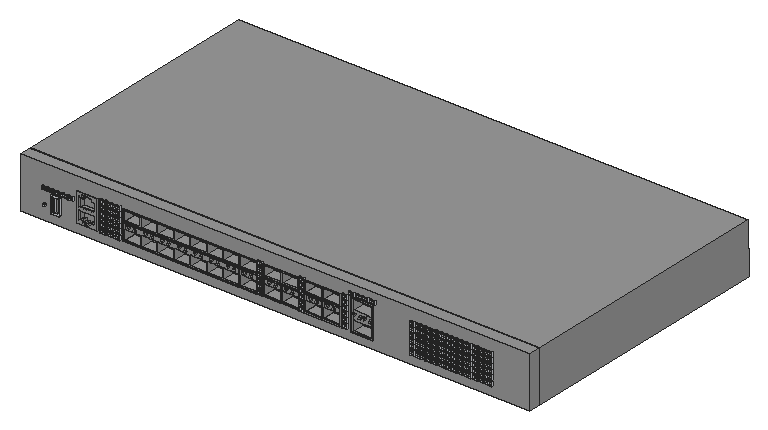
Revit family "19 Zoll Switch MS400995M", category Datengeräte, Revit 2023
Family settings
  Bemaßung runder Anschluss = Durchmesser verwenden
  Teiletyp = Normal
  OmniClass-Nummer = 23.85.50.17
  OmniClass-Titel = Communication and Data Processing Equipment
  Arbeitsebenenbasiert = Nein
  Immer vertikal = Ja
  Beim Laden mit Abzugskörper schneiden = Nein
  Beschriftungsausrichtung beibehalten = Nein
  Gemeinsam genutzt = Nein
  Raumberechnungspunkt = Nein
Parameters (values of type "19 Zoll Switch MS400995M")
  Vorgabe-Ansicht = 0 mm
  Material 2 = Stahl, lackierte Oberfläche, dunkelgrau, matt
  Material = Edelstahl AISI 304
  Ausführung = "managed switch L3"
  Anschluss 3 = "4x 10G/25GBase-X SFP28-Slots"
  Spannung Input = "100~240VAC (C14)"
  Hersteller = "MICROSENS"
  Beschreibung = "26-Port 40G Multi 1/10G Fiber L3 Switch 19\""
  Artikelnummer = "MS400995M"
  Anschluss 4 = "Konsolenport (RJ-45)"
  Anschluss 2 = "20x 1/10G SFP+ Slots"
  Anschluss 1 = "2x 40G QSFP+ Slots"
Reference planes
  plane 1 "Mitte (Vorne/Hinten)": y = 232.367
  plane 2: z = 0
  plane 3 "Mitte (Links/Rechts)": x = 6.748
Forms (mm)
  Extrusion 1, solid, material "Stahl, lackierte Oberfläche, dunkelgrau, matt" <- "Material 2"
    sketch origin (-0.016, 368.942, 1.503) x (1, 0, 0) y (0, 0, 1)
      loop
        line (-213.236, 42.498) -> (-213.236, -1.502) -> (226.813, -1.502) -> (226.813, 42.498) -> (-213.236, 42.498)
    from 235.89 to 246.705
  Extrusion 2, solid
    sketch origin (79.576, 273.077, 134.166) x (0, 0, 1) y (-1, 0, 0)
      loop
        line (-126.471, 264.855) -> (-126.471, 259.255)
        arc (-126.471, 259.255) -> (-126.178, 258.548) -> (-125.471, 258.255) r 1
        line (-125.471, 258.255) -> (-112.371, 258.255)
        arc (-112.371, 258.255) -> (-111.663, 258.548) -> (-111.371, 259.255) r 1
        line (-111.371, 259.255) -> (-111.371, 264.855)
        arc (-111.371, 264.855) -> (-111.663, 265.562) -> (-112.371, 265.855) r 1
        line (-112.371, 265.855) -> (-125.471, 265.855)
        arc (-125.471, 265.855) -> (-126.178, 265.562) -> (-126.471, 264.855) r 1
      loop
        line (-125.071, 264.605) -> (-125.071, 259.105) -> (-112.671, 259.105) -> (-112.671, 264.605) -> (-125.071, 264.605)
    from 150.84 to 151.64
  Extrusion 3, solid
    sketch origin (79.576, 273.077, 134.166) x (0, 0, 1) y (-1, 0, 0)
      loop
        line (-124.365, 262.053) -> (-113.348, 262.053) -> (-113.348, 263.837) -> (-124.365, 263.837) -> (-124.365, 262.053)
      loop
        line (-124.121, 263.355) -> (-124.121, 262.305) -> (-113.621, 262.305) -> (-113.621, 263.355) -> (-124.121, 263.355)
    from 150.84 to 151.64
  Extrusion 4, solid
    sketch origin (-21.172, 273.077, -249.866) x (1, 0, 0) y (0, 0, 1)
      loop
        circle (-171.13, 262.402) r 1
    from 150.84 to 151.64
  Extrusion 5, void
    sketch origin (79.576, 273.077, 134.01) x (0, 0, 1) y (-1, 0, 0)
      loop
        line (-125.071, 262.055) -> (-125.071, 259.105) -> (-112.671, 259.105) -> (-112.671, 262.055) -> (-125.071, 262.055)
    from 147.46 to 160.434
  Extrusion 6, solid, material "Stahl, 43-245"
    sketch origin (-2.408, 273.077, 44.001) x (0, -1, 0) y (1, 0, 0)
      loop
        line (140.025, -210.844) -> (140.025, 229.205) -> (-85.512, 229.205) -> (-85.512, -210.844) -> (140.025, -210.844)
    from -44 to 0
  Extrusion 7, solid, material "Edelstahl AISI 304"
    sketch origin (-69.923, 273.077, -238.834) x (1, 0, 0) y (0, 0, 1)
      loop
        line (-93.447, 247.265) -> (-76.371, 247.265) -> (-76.371, 272.055) -> (-93.447, 272.055) -> (-93.447, 247.265)
      loop
        line (-77.991, 258.354) -> (-91.961, 258.331) -> (-91.948, 250.457) -> (-89.103, 250.462) -> (-89.1, 248.684) -> (-86.865, 248.687) -> (-86.863, 247.798) -> (-83.053, 247.805) -> (-83.055, 248.694) -> (-80.642, 248.698) -> (-80.645, 250.476) -> (-77.978, 250.48) -> (-77.991, 258.354)
      loop
        line (-92.032, 260.695) -> (-78.062, 260.695) -> (-78.062, 268.569) -> (-80.729, 268.569) -> (-80.729, 270.347) -> (-83.142, 270.347) -> (-83.142, 271.236) -> (-86.952, 271.236) -> (-86.952, 270.347) -> (-89.365, 270.347) -> (-89.365, 268.569) -> (-92.032, 268.569) -> (-92.032, 260.695)
    from 150.84 to 151.64
  Extrusion 8, solid, material "Edelstahl AISI 304"
    sketch origin (-150.813, 273.077, -234.569) x (1, 0, 0) y (0, 0, 1)
      loop
        line (198.964, 268.012) -> (198.964, 257.612) -> (214.464, 257.612) -> (214.464, 268.012) -> (198.964, 268.012)
      loop
        line (199.41, 267.584) -> (199.41, 257.912) -> (214.027, 257.912) -> (214.027, 267.584) -> (199.41, 267.584)
    from 140.025 to 151.64
  Extrusion 9, void
    sketch origin (156.645, 273.077, -237.22) x (1, 0, 0) y (0, 0, 1)
      loop
        line (-107.793, 261.07) -> (-93.696, 261.07) -> (-93.696, 269.986) -> (-107.793, 269.986) -> (-107.793, 261.07)
    from 140.025 to 160.434
  Extrusion 10, solid, material "Edelstahl AISI 304"
    sketch origin (-166.253, 273.077, -234.569) x (1, 0, 0) y (0, 0, 1)
      loop
        line (198.964, 268.012) -> (198.964, 257.612) -> (214.464, 257.612) -> (214.464, 268.012) -> (198.964, 268.012)
      loop
        line (199.41, 267.584) -> (199.41, 257.912) -> (214.027, 257.912) -> (214.027, 267.584) -> (199.41, 267.584)
    from 140.025 to 151.64
  Extrusion 11, void
    sketch origin (141.205, 273.077, -237.22) x (1, 0, 0) y (0, 0, 1)
      loop
        line (-107.793, 261.07) -> (-93.696, 261.07) -> (-93.696, 269.986) -> (-107.793, 269.986) -> (-107.793, 261.07)
    from 140.025 to 160.434
  Extrusion 12, solid, material "Edelstahl AISI 304"
    sketch origin (-150.709, 273.077, -249.399) x (1, 0, 0) y (0, 0, 1)
      loop
        line (198.964, 272.442) -> (198.964, 257.612) -> (214.464, 257.612) -> (214.464, 272.442) -> (198.964, 272.442)
      loop
        line (199.41, 271.983) -> (199.41, 257.912) -> (214.027, 257.912) -> (214.027, 271.983) -> (199.41, 271.983)
      loop
        line (207.305, 267.926) -> (209.516, 267.926) -> (208.382, 271.042) -> (207.305, 267.926)
      loop
        line (204.516, 271.042) -> (202.305, 271.042) -> (203.439, 267.926) -> (204.516, 271.042)
      loop
        line (192.744, 267.926) -> (194.955, 267.926) -> (193.821, 271.042) -> (192.744, 267.926)
      loop
        line (189.955, 271.042) -> (187.744, 271.042) -> (188.878, 267.926) -> (189.955, 271.042)
      loop
        line (106.929, 267.926) -> (109.141, 267.926) -> (108.006, 271.042) -> (106.929, 267.926)
      loop
        line (104.141, 271.042) -> (101.929, 271.042) -> (103.063, 267.926) -> (104.141, 271.042)
      loop
        line (92.744, 267.926) -> (94.955, 267.926) -> (93.821, 271.042) -> (92.744, 267.926)
      loop
        line (89.955, 271.042) -> (87.744, 271.042) -> (88.878, 267.926) -> (89.955, 271.042)
      loop
        line (78.978, 267.926) -> (81.19, 267.926) -> (80.056, 271.042) -> (78.978, 267.926)
      loop
        line (76.19, 271.042) -> (73.978, 271.042) -> (75.113, 267.926) -> (76.19, 271.042)
      loop
        line (64.627, 267.926) -> (66.839, 267.926) -> (65.705, 271.042) -> (64.627, 267.926)
      loop
        line (61.839, 271.042) -> (59.627, 271.042) -> (60.762, 267.926) -> (61.839, 271.042)
      loop
        line (50.014, 267.926) -> (52.225, 267.926) -> (51.091, 271.042) -> (50.014, 267.926)
      loop
        line (47.225, 271.042) -> (45.014, 271.042) -> (46.148, 267.926) -> (47.225, 271.042)
      loop
        line (35.362, 267.926) -> (37.574, 267.926) -> (36.439, 271.042) -> (35.362, 267.926)
      loop
        line (32.574, 271.042) -> (30.362, 271.042) -> (31.496, 267.926) -> (32.574, 271.042)
    from 140.025 to 151.64
  Extrusion 13, void
    sketch origin (156.749, 273.077, -252.05) x (1, 0, 0) y (0, 0, 1)
      loop
        line (-107.793, 261.07) -> (-93.696, 261.07) -> (-93.696, 269.986) -> (-107.793, 269.986) -> (-107.793, 261.07)
    from 140.025 to 160.434
  Extrusion 14, solid, material "Edelstahl AISI 304"
    sketch origin (-166.193, 273.077, -249.399) x (1, 0, 0) y (0, 0, 1)
      loop
        line (198.964, 272.442) -> (198.964, 257.612) -> (214.464, 257.612) -> (214.464, 272.442) -> (198.964, 272.442)
      loop
        line (199.41, 272.007) -> (199.41, 257.912) -> (214.027, 257.912) -> (214.027, 272.007) -> (199.41, 272.007)
    from 140.025 to 151.64
  Extrusion 15, void
    sketch origin (141.264, 273.077, -252.05) x (1, 0, 0) y (0, 0, 1)
      loop
        line (-107.793, 261.07) -> (-93.696, 261.07) -> (-93.696, 269.986) -> (-107.793, 269.986) -> (-107.793, 261.07)
    from 140.025 to 160.434
  Extrusion 16, void
    sketch origin (-53.981, 273.077, -239.208) x (1, 0, 0) y (0, 0, 1)
      loop
        line (-106.701, 261.203) -> (-94.788, 261.203) -> (-94.788, 268.036) -> (-96.693, 268.036) -> (-96.693, 269.738) -> (-99.221, 269.738) -> (-99.221, 270.576) -> (-102.269, 270.576) -> (-102.269, 269.738) -> (-104.787, 269.738) -> (-104.787, 268.036) -> (-106.701, 268.036) -> (-106.701, 261.203)
    from 147.46 to 160.434
  Extrusion 17, void
    sketch origin (-255.47, 273.077, 280.687) x (-1, 0, 0) y (0, 0, -1)
      loop
        line (-106.701, 261.203) -> (-94.788, 261.203) -> (-94.788, 268.036) -> (-96.693, 268.036) -> (-96.693, 269.738) -> (-99.221, 269.738) -> (-99.221, 270.576) -> (-102.269, 270.576) -> (-102.269, 269.738) -> (-104.787, 269.738) -> (-104.787, 268.036) -> (-106.701, 268.036) -> (-106.701, 261.203)
    from 147.46 to 160.434
  Extrusion 18, solid, material "Edelstahl AISI 304"
    sketch origin (-186.477, 273.077, -234.569) x (1, 0, 0) y (0, 0, 1)
      loop
        line (198.964, 268.012) -> (198.964, 257.612) -> (214.464, 257.612) -> (214.464, 268.012) -> (198.964, 268.012)
      loop
        line (199.41, 267.584) -> (199.41, 257.912) -> (214.027, 257.912) -> (214.027, 267.584) -> (199.41, 267.584)
    from 140.025 to 151.64
  Extrusion 19, void
    sketch origin (120.98, 273.077, -237.22) x (1, 0, 0) y (0, 0, 1)
      loop
        line (-107.793, 261.07) -> (-93.696, 261.07) -> (-93.696, 269.986) -> (-107.793, 269.986) -> (-107.793, 261.07)
    from 140.025 to 160.434
  Extrusion 20, solid, material "Edelstahl AISI 304"
    sketch origin (-201.917, 273.077, -234.569) x (1, 0, 0) y (0, 0, 1)
      loop
        line (198.964, 268.012) -> (198.964, 257.612) -> (214.464, 257.612) -> (214.464, 268.012) -> (198.964, 268.012)
      loop
        line (199.41, 267.584) -> (199.41, 257.912) -> (214.027, 257.912) -> (214.027, 267.584) -> (199.41, 267.584)
    from 140.025 to 151.64
  Extrusion 21, void
    sketch origin (105.54, 273.077, -237.22) x (1, 0, 0) y (0, 0, 1)
      loop
        line (-107.793, 261.07) -> (-93.696, 261.07) -> (-93.696, 269.986) -> (-107.793, 269.986) -> (-107.793, 261.07)
    from 140.025 to 160.434
  Extrusion 22, solid, material "Edelstahl AISI 304"
    sketch origin (-186.373, 273.077, -249.399) x (1, 0, 0) y (0, 0, 1)
      loop
        line (198.964, 272.442) -> (198.964, 257.612) -> (214.464, 257.612) -> (214.464, 272.442) -> (198.964, 272.442)
      loop
        line (199.41, 271.983) -> (199.41, 257.912) -> (214.027, 257.912) -> (214.027, 271.983) -> (199.41, 271.983)
      loop
        line (207.305, 267.926) -> (209.516, 267.926) -> (208.382, 271.042) -> (207.305, 267.926)
      loop
        line (204.516, 271.042) -> (202.305, 271.042) -> (203.439, 267.926) -> (204.516, 271.042)
      loop
        line (192.744, 267.926) -> (194.955, 267.926) -> (193.821, 271.042) -> (192.744, 267.926)
      loop
        line (189.955, 271.042) -> (187.744, 271.042) -> (188.878, 267.926) -> (189.955, 271.042)
    from 140.025 to 151.64
  Extrusion 23, void
    sketch origin (121.084, 273.077, -252.05) x (1, 0, 0) y (0, 0, 1)
      loop
        line (-107.793, 261.07) -> (-93.696, 261.07) -> (-93.696, 269.986) -> (-107.793, 269.986) -> (-107.793, 261.07)
    from 140.025 to 160.434
  Extrusion 24, solid, material "Edelstahl AISI 304"
    sketch origin (-201.858, 273.077, -249.399) x (1, 0, 0) y (0, 0, 1)
      loop
        line (198.964, 272.442) -> (198.964, 257.612) -> (214.464, 257.612) -> (214.464, 272.442) -> (198.964, 272.442)
      loop
        line (199.41, 272.007) -> (199.41, 257.912) -> (214.027, 257.912) -> (214.027, 272.007) -> (199.41, 272.007)
    from 140.025 to 151.64
  Extrusion 25, void
    sketch origin (105.6, 273.077, -252.05) x (1, 0, 0) y (0, 0, 1)
      loop
        line (-107.793, 261.07) -> (-93.696, 261.07) -> (-93.696, 269.986) -> (-107.793, 269.986) -> (-107.793, 261.07)
    from 140.025 to 160.434
  Extrusion 26, solid, material "Edelstahl AISI 304"
    sketch origin (-222.419, 273.077, -234.569) x (1, 0, 0) y (0, 0, 1)
      loop
        line (198.964, 268.012) -> (198.964, 257.612) -> (214.464, 257.612) -> (214.464, 268.012) -> (198.964, 268.012)
      loop
        line (199.41, 267.584) -> (199.41, 257.912) -> (214.027, 257.912) -> (214.027, 267.584) -> (199.41, 267.584)
    from 140.025 to 151.64
  Extrusion 27, void
    sketch origin (85.038, 273.077, -237.22) x (1, 0, 0) y (0, 0, 1)
      loop
        line (-107.793, 261.07) -> (-93.696, 261.07) -> (-93.696, 269.986) -> (-107.793, 269.986) -> (-107.793, 261.07)
    from 140.025 to 160.434
  Extrusion 28, solid, material "Edelstahl AISI 304"
    sketch origin (-237.859, 273.077, -234.569) x (1, 0, 0) y (0, 0, 1)
      loop
        line (113.702, 268.012) -> (113.702, 257.612) -> (214.464, 257.612) -> (214.464, 268.012) -> (113.702, 268.012)
      loop
        line (114.753, 267.584) -> (114.753, 257.912) -> (214.027, 257.912) -> (214.027, 267.584) -> (114.753, 267.584)
    from 140.025 to 151.64
  Extrusion 29, void
    sketch origin (69.598, 273.077, -237.22) x (1, 0, 0) y (0, 0, 1)
      loop
        line (-106.98, 261.07) -> (-93.696, 261.07) -> (-93.696, 269.986) -> (-106.98, 269.986) -> (-106.98, 261.07)
    from 140.025 to 160.434
  Extrusion 30, solid, material "Edelstahl AISI 304"
    sketch origin (-222.315, 273.077, -249.399) x (1, 0, 0) y (0, 0, 1)
      loop
        line (198.964, 272.442) -> (198.964, 257.612) -> (214.464, 257.612) -> (214.464, 272.442) -> (198.964, 272.442)
      loop
        line (199.41, 271.983) -> (199.41, 257.912) -> (214.027, 257.912) -> (214.027, 271.983) -> (199.41, 271.983)
      loop
        line (207.305, 267.926) -> (209.516, 267.926) -> (208.382, 271.042) -> (207.305, 267.926)
      loop
        line (204.516, 271.042) -> (202.305, 271.042) -> (203.439, 267.926) -> (204.516, 271.042)
      loop
        line (192.744, 267.926) -> (194.955, 267.926) -> (193.821, 271.042) -> (192.744, 267.926)
      loop
        line (189.955, 271.042) -> (187.744, 271.042) -> (188.878, 267.926) -> (189.955, 271.042)
      loop
        line (310.65, 268.938) -> (312.862, 268.938) -> (311.728, 272.054) -> (310.65, 268.938)
      loop
        line (307.862, 272.054) -> (305.65, 272.054) -> (306.785, 268.938) -> (307.862, 272.054)
      loop
        line (301.741, 268.952) -> (303.952, 268.952) -> (302.818, 272.068) -> (301.741, 268.952)
      loop
        line (298.952, 272.068) -> (296.741, 272.068) -> (297.875, 268.952) -> (298.952, 272.068)
    from 140.025 to 151.64
  Extrusion 31, void
    sketch origin (85.142, 273.077, -252.05) x (1, 0, 0) y (0, 0, 1)
      loop
        line (-107.793, 261.07) -> (-93.696, 261.07) -> (-93.696, 269.986) -> (-107.793, 269.986) -> (-107.793, 261.07)
    from 140.025 to 160.434
  Extrusion 32, solid, material "Edelstahl AISI 304"
    sketch origin (-237.8, 273.077, -249.399) x (1, 0, 0) y (0, 0, 1)
      loop
        line (113.642, 272.442) -> (113.642, 257.612) -> (214.464, 257.612) -> (214.464, 272.442) -> (113.642, 272.442)
      loop
        line (114.694, 272.007) -> (114.694, 257.912) -> (214.027, 257.912) -> (214.027, 272.007) -> (114.694, 272.007)
    from 140.025 to 151.64
  Extrusion 33, void
    sketch origin (69.658, 273.077, -252.05) x (1, 0, 0) y (0, 0, 1)
      loop
        line (-107.04, 261.07) -> (-93.696, 261.07) -> (-93.696, 269.986) -> (-107.04, 269.986) -> (-107.04, 261.07)
    from 140.025 to 160.434
  Extrusion 34, void
    sketch origin (55.552, 273.077, -237.22) x (1, 0, 0) y (0, 0, 1)
      loop
        line (-106.98, 261.07) -> (-93.696, 261.07) -> (-93.696, 269.986) -> (-106.98, 269.986) -> (-106.98, 261.07)
    from 140.025 to 160.434
  Extrusion 35, void
    sketch origin (55.612, 273.077, -252.05) x (1, 0, 0) y (0, 0, 1)
      loop
        line (-107.04, 261.07) -> (-93.696, 261.07) -> (-93.696, 269.986) -> (-107.04, 269.986) -> (-107.04, 261.07)
    from 140.025 to 160.434
  Extrusion 36, void
    sketch origin (41.39, 273.077, -237.22) x (1, 0, 0) y (0, 0, 1)
      loop
        line (-106.98, 261.07) -> (-93.696, 261.07) -> (-93.696, 269.986) -> (-106.98, 269.986) -> (-106.98, 261.07)
    from 140.025 to 160.434
  Extrusion 37, void
    sketch origin (41.45, 273.077, -252.05) x (1, 0, 0) y (0, 0, 1)
      loop
        line (-107.04, 261.07) -> (-93.696, 261.07) -> (-93.696, 269.986) -> (-107.04, 269.986) -> (-107.04, 261.07)
    from 140.025 to 160.434
  Extrusion 38, void
    sketch origin (27.133, 273.077, -237.22) x (1, 0, 0) y (0, 0, 1)
      loop
        line (-106.98, 261.07) -> (-93.696, 261.07) -> (-93.696, 269.986) -> (-106.98, 269.986) -> (-106.98, 261.07)
    from 140.025 to 160.434
  Extrusion 39, void
    sketch origin (27.192, 273.077, -252.05) x (1, 0, 0) y (0, 0, 1)
      loop
        line (-107.04, 261.07) -> (-93.696, 261.07) -> (-93.696, 269.986) -> (-107.04, 269.986) -> (-107.04, 261.07)
    from 140.025 to 160.434
  Extrusion 40, void
    sketch origin (12.833, 273.077, -237.22) x (1, 0, 0) y (0, 0, 1)
      loop
        line (-106.98, 261.07) -> (-93.696, 261.07) -> (-93.696, 269.986) -> (-106.98, 269.986) -> (-106.98, 261.07)
    from 140.025 to 160.434
  Extrusion 41, void
    sketch origin (12.892, 273.077, -252.05) x (1, 0, 0) y (0, 0, 1)
      loop
        line (-107.04, 261.07) -> (-93.696, 261.07) -> (-93.696, 269.986) -> (-107.04, 269.986) -> (-107.04, 261.07)
    from 140.025 to 160.434
  Extrusion 42, void
    sketch origin (-1.64, 273.077, -237.22) x (1, 0, 0) y (0, 0, 1)
      loop
        line (-106.98, 261.07) -> (-93.696, 261.07) -> (-93.696, 269.986) -> (-106.98, 269.986) -> (-106.98, 261.07)
    from 140.025 to 160.434
  Extrusion 43, void
    sketch origin (-1.581, 273.077, -252.05) x (1, 0, 0) y (0, 0, 1)
      loop
        line (-107.04, 261.07) -> (-93.696, 261.07) -> (-93.696, 269.986) -> (-107.04, 269.986) -> (-107.04, 261.07)
    from 140.025 to 160.434
  Extrusion 44, void
    sketch origin (-15.898, 273.077, -237.22) x (1, 0, 0) y (0, 0, 1)
      loop
        line (-106.98, 261.07) -> (-93.696, 261.07) -> (-93.696, 269.986) -> (-106.98, 269.986) -> (-106.98, 261.07)
    from 140.025 to 160.434
  Extrusion 45, void
    sketch origin (-15.838, 273.077, -252.05) x (1, 0, 0) y (0, 0, 1)
      loop
        line (-107.04, 261.07) -> (-93.696, 261.07) -> (-93.696, 269.986) -> (-107.04, 269.986) -> (-107.04, 261.07)
    from 140.025 to 160.434
  Extrusion 46, solid, material "Edelstahl AISI 304"
    sketch origin (-123.792, 273.077, -232.366) x (1, 0, 0) y (0, 0, 1)
      loop
        line (196.908, 266.826) -> (196.908, 239.341) -> (215.391, 239.341) -> (215.391, 266.826) -> (196.908, 266.826)
      loop
        line (197.809, 266.379) -> (197.809, 239.83) -> (214.64, 239.83) -> (214.64, 266.379) -> (197.809, 266.379)
    from 140.025 to 151.64
  Extrusion 47, void
    sketch origin (183.814, 273.077, -236.705) x (1, 0, 0) y (0, 0, 1)
      loop
        line (-108.858, 261.07) -> (-92.967, 261.07) -> (-92.967, 269.986) -> (-108.858, 269.986) -> (-108.858, 261.07)
    from 140.025 to 160.434
  Extrusion 48, void
    sketch origin (183.665, 273.077, -253.025) x (1, 0, 0) y (0, 0, 1)
      loop
        line (-108.709, 261.07) -> (-92.818, 261.07) -> (-92.818, 269.986) -> (-108.709, 269.986) -> (-108.709, 261.07)
    from 140.025 to 160.434
  Extrusion 49, solid
    sketch origin (0, 273.077, -232.366) x (1, 0, 0) y (0, 0, 1)
      loop
        line (65.586, 266.76) -> (65.586, 263.134) -> (69.459, 263.134) -> (69.459, 266.76) -> (65.586, 266.76)
      loop
        line (65.933, 266.376) -> (65.933, 263.535) -> (68.946, 263.535) -> (68.946, 266.376) -> (65.933, 266.376)
    from 150.84 to 151.64
  Extrusion 50, solid
    sketch origin (0, 273.077, -236.758) x (1, 0, 0) y (0, 0, 1)
      loop
        line (65.586, 266.76) -> (65.586, 263.134) -> (69.459, 263.134) -> (69.459, 266.76) -> (65.586, 266.76)
      loop
        line (65.933, 266.376) -> (65.933, 263.535) -> (68.946, 263.535) -> (68.946, 266.376) -> (65.933, 266.376)
    from 150.84 to 151.64
  Extrusion 51, solid
    sketch origin (0, 273.077, -241.201) x (1, 0, 0) y (0, 0, 1)
      loop
        line (65.586, 266.76) -> (65.586, 263.134) -> (69.459, 263.134) -> (69.459, 266.76) -> (65.586, 266.76)
      loop
        line (65.933, 266.376) -> (65.933, 263.535) -> (68.946, 263.535) -> (68.946, 266.376) -> (65.933, 266.376)
    from 150.84 to 151.64
  Extrusion 52, solid
    sketch origin (0, 273.077, -245.578) x (1, 0, 0) y (0, 0, 1)
      loop
        line (65.586, 266.76) -> (65.586, 263.134) -> (69.459, 263.134) -> (69.459, 266.76) -> (65.586, 266.76)
      loop
        line (65.933, 266.376) -> (65.933, 263.535) -> (68.946, 263.535) -> (68.946, 266.376) -> (65.933, 266.376)
    from 150.84 to 151.64
  Extrusion 53, solid
    sketch origin (0, 273.077, -250.086) x (1, 0, 0) y (0, 0, 1)
      loop
        line (65.586, 266.76) -> (65.586, 263.134) -> (69.459, 263.134) -> (69.459, 266.76) -> (65.586, 266.76)
      loop
        line (65.933, 266.376) -> (65.933, 263.535) -> (68.946, 263.535) -> (68.946, 266.376) -> (65.933, 266.376)
    from 150.84 to 151.64
  Extrusion 54, solid
    sketch origin (0, 273.077, -255.086) x (1, 0, 0) y (0, 0, 1)
      loop
        line (65.586, 266.76) -> (65.586, 263.134) -> (69.459, 263.134) -> (69.459, 266.76) -> (65.586, 266.76)
      loop
        line (65.933, 266.376) -> (65.933, 263.535) -> (68.946, 263.535) -> (68.946, 266.376) -> (65.933, 266.376)
    from 150.84 to 151.64
  Extrusion 55, solid
    sketch origin (58.395, 273.077, -232.671) x (1, 0, 0) y (0, 0, 1)
      loop
        line (65.586, 266.76) -> (65.586, 263.134) -> (69.459, 263.134) -> (69.459, 266.76) -> (65.586, 266.76)
      loop
        line (65.933, 266.376) -> (65.933, 263.535) -> (68.946, 263.535) -> (68.946, 266.376) -> (65.933, 266.376)
    from 150.84 to 151.64
  Extrusion 56, solid
    sketch origin (63.395, 273.077, -232.671) x (1, 0, 0) y (0, 0, 1)
      loop
        line (65.586, 266.76) -> (65.586, 263.134) -> (69.459, 263.134) -> (69.459, 266.76) -> (65.586, 266.76)
      loop
        line (65.933, 266.376) -> (65.933, 263.535) -> (68.946, 263.535) -> (68.946, 266.376) -> (65.933, 266.376)
    from 150.84 to 151.64
  Extrusion 57, solid
    sketch origin (67.616, 273.077, -232.671) x (1, 0, 0) y (0, 0, 1)
      loop
        line (65.586, 266.76) -> (65.586, 263.134) -> (69.459, 263.134) -> (69.459, 266.76) -> (65.586, 266.76)
      loop
        line (65.933, 266.376) -> (65.933, 263.535) -> (68.946, 263.535) -> (68.946, 266.376) -> (65.933, 266.376)
    from 150.84 to 151.64
  Extrusion 58, solid
    sketch origin (71.591, 273.077, -232.671) x (1, 0, 0) y (0, 0, 1)
      loop
        line (65.586, 266.76) -> (65.586, 263.134) -> (69.459, 263.134) -> (69.459, 266.76) -> (65.586, 266.76)
      loop
        line (65.933, 266.376) -> (65.933, 263.535) -> (68.946, 263.535) -> (68.946, 266.376) -> (65.933, 266.376)
    from 150.84 to 151.64
  Extrusion 59, solid
    sketch origin (58.395, 273.077, -236.967) x (1, 0, 0) y (0, 0, 1)
      loop
        line (65.586, 266.76) -> (65.586, 263.134) -> (69.459, 263.134) -> (69.459, 266.76) -> (65.586, 266.76)
      loop
        line (65.933, 266.376) -> (65.933, 263.535) -> (68.946, 263.535) -> (68.946, 266.376) -> (65.933, 266.376)
    from 150.84 to 151.64
  Extrusion 60, solid
    sketch origin (63.395, 273.077, -236.967) x (1, 0, 0) y (0, 0, 1)
      loop
        line (65.586, 266.76) -> (65.586, 263.134) -> (69.459, 263.134) -> (69.459, 266.76) -> (65.586, 266.76)
      loop
        line (65.933, 266.376) -> (65.933, 263.535) -> (68.946, 263.535) -> (68.946, 266.376) -> (65.933, 266.376)
    from 150.84 to 151.64
  Extrusion 61, solid
    sketch origin (67.616, 273.077, -236.967) x (1, 0, 0) y (0, 0, 1)
      loop
        line (65.586, 266.76) -> (65.586, 263.134) -> (69.459, 263.134) -> (69.459, 266.76) -> (65.586, 266.76)
      loop
        line (65.933, 266.376) -> (65.933, 263.535) -> (68.946, 263.535) -> (68.946, 266.376) -> (65.933, 266.376)
    from 150.84 to 151.64
  Extrusion 62, solid
    sketch origin (71.591, 273.077, -236.967) x (1, 0, 0) y (0, 0, 1)
      loop
        line (65.586, 266.76) -> (65.586, 263.134) -> (69.459, 263.134) -> (69.459, 266.76) -> (65.586, 266.76)
      loop
        line (65.933, 266.376) -> (65.933, 263.535) -> (68.946, 263.535) -> (68.946, 266.376) -> (65.933, 266.376)
    from 150.84 to 151.64
  Extrusion 63, solid
    sketch origin (58.395, 273.077, -241.967) x (1, 0, 0) y (0, 0, 1)
      loop
        line (65.586, 266.76) -> (65.586, 263.134) -> (69.459, 263.134) -> (69.459, 266.76) -> (65.586, 266.76)
      loop
        line (65.933, 266.376) -> (65.933, 263.535) -> (68.946, 263.535) -> (68.946, 266.376) -> (65.933, 266.376)
    from 150.84 to 151.64
  Extrusion 64, solid
    sketch origin (63.395, 273.077, -241.967) x (1, 0, 0) y (0, 0, 1)
      loop
        line (65.586, 266.76) -> (65.586, 263.134) -> (69.459, 263.134) -> (69.459, 266.76) -> (65.586, 266.76)
      loop
        line (65.933, 266.376) -> (65.933, 263.535) -> (68.946, 263.535) -> (68.946, 266.376) -> (65.933, 266.376)
    from 150.84 to 151.64
  Extrusion 65, solid
    sketch origin (67.616, 273.077, -241.967) x (1, 0, 0) y (0, 0, 1)
      loop
        line (65.586, 266.76) -> (65.586, 263.134) -> (69.459, 263.134) -> (69.459, 266.76) -> (65.586, 266.76)
      loop
        line (65.933, 266.376) -> (65.933, 263.535) -> (68.946, 263.535) -> (68.946, 266.376) -> (65.933, 266.376)
    from 150.84 to 151.64
  Extrusion 66, solid
    sketch origin (71.591, 273.077, -241.967) x (1, 0, 0) y (0, 0, 1)
      loop
        line (65.586, 266.76) -> (65.586, 263.134) -> (69.459, 263.134) -> (69.459, 266.76) -> (65.586, 266.76)
      loop
        line (65.933, 266.376) -> (65.933, 263.535) -> (68.946, 263.535) -> (68.946, 266.376) -> (65.933, 266.376)
    from 150.84 to 151.64
  Extrusion 67, solid
    sketch origin (58.395, 273.077, -246.109) x (1, 0, 0) y (0, 0, 1)
      loop
        line (65.586, 266.76) -> (65.586, 263.134) -> (69.459, 263.134) -> (69.459, 266.76) -> (65.586, 266.76)
      loop
        line (65.933, 266.376) -> (65.933, 263.535) -> (68.946, 263.535) -> (68.946, 266.376) -> (65.933, 266.376)
    from 150.84 to 151.64
  Extrusion 68, solid
    sketch origin (63.395, 273.077, -246.109) x (1, 0, 0) y (0, 0, 1)
      loop
        line (65.586, 266.76) -> (65.586, 263.134) -> (69.459, 263.134) -> (69.459, 266.76) -> (65.586, 266.76)
      loop
        line (65.933, 266.376) -> (65.933, 263.535) -> (68.946, 263.535) -> (68.946, 266.376) -> (65.933, 266.376)
    from 150.84 to 151.64
  Extrusion 69, solid
    sketch origin (67.616, 273.077, -246.109) x (1, 0, 0) y (0, 0, 1)
      loop
        line (65.586, 266.76) -> (65.586, 263.134) -> (69.459, 263.134) -> (69.459, 266.76) -> (65.586, 266.76)
      loop
        line (65.933, 266.376) -> (65.933, 263.535) -> (68.946, 263.535) -> (68.946, 266.376) -> (65.933, 266.376)
    from 150.84 to 151.64
  Extrusion 70, solid
    sketch origin (71.591, 273.077, -246.109) x (1, 0, 0) y (0, 0, 1)
      loop
        line (65.586, 266.76) -> (65.586, 263.134) -> (69.459, 263.134) -> (69.459, 266.76) -> (65.586, 266.76)
      loop
        line (65.933, 266.376) -> (65.933, 263.535) -> (68.946, 263.535) -> (68.946, 266.376) -> (65.933, 266.376)
    from 150.84 to 151.64
  Extrusion 71, solid
    sketch origin (58.395, 273.077, -250.382) x (1, 0, 0) y (0, 0, 1)
      loop
        line (65.586, 266.76) -> (65.586, 263.134) -> (69.459, 263.134) -> (69.459, 266.76) -> (65.586, 266.76)
      loop
        line (65.933, 266.376) -> (65.933, 263.535) -> (68.946, 263.535) -> (68.946, 266.376) -> (65.933, 266.376)
    from 150.84 to 151.64
  Extrusion 72, solid
    sketch origin (63.395, 273.077, -250.382) x (1, 0, 0) y (0, 0, 1)
      loop
        line (65.586, 266.76) -> (65.586, 263.134) -> (69.459, 263.134) -> (69.459, 266.76) -> (65.586, 266.76)
      loop
        line (65.933, 266.376) -> (65.933, 263.535) -> (68.946, 263.535) -> (68.946, 266.376) -> (65.933, 266.376)
    from 150.84 to 151.64
  Extrusion 73, solid
    sketch origin (67.616, 273.077, -250.382) x (1, 0, 0) y (0, 0, 1)
      loop
        line (65.586, 266.76) -> (65.586, 263.134) -> (69.459, 263.134) -> (69.459, 266.76) -> (65.586, 266.76)
      loop
        line (65.933, 266.376) -> (65.933, 263.535) -> (68.946, 263.535) -> (68.946, 266.376) -> (65.933, 266.376)
    from 150.84 to 151.64
  Extrusion 74, solid
    sketch origin (71.591, 273.077, -250.382) x (1, 0, 0) y (0, 0, 1)
      loop
        line (65.586, 266.76) -> (65.586, 263.134) -> (69.459, 263.134) -> (69.459, 266.76) -> (65.586, 266.76)
      loop
        line (65.933, 266.376) -> (65.933, 263.535) -> (68.946, 263.535) -> (68.946, 266.376) -> (65.933, 266.376)
    from 150.84 to 151.64
  Extrusion 75, solid
    sketch origin (58.395, 273.077, -255.382) x (1, 0, 0) y (0, 0, 1)
      loop
        line (65.586, 266.76) -> (65.586, 263.134) -> (69.459, 263.134) -> (69.459, 266.76) -> (65.586, 266.76)
      loop
        line (65.933, 266.376) -> (65.933, 263.535) -> (68.946, 263.535) -> (68.946, 266.376) -> (65.933, 266.376)
    from 150.84 to 151.64
  Extrusion 76, solid
    sketch origin (63.395, 273.077, -255.382) x (1, 0, 0) y (0, 0, 1)
      loop
        line (65.586, 266.76) -> (65.586, 263.134) -> (69.459, 263.134) -> (69.459, 266.76) -> (65.586, 266.76)
      loop
        line (65.933, 266.376) -> (65.933, 263.535) -> (68.946, 263.535) -> (68.946, 266.376) -> (65.933, 266.376)
    from 150.84 to 151.64
  Extrusion 77, solid
    sketch origin (67.616, 273.077, -255.382) x (1, 0, 0) y (0, 0, 1)
      loop
        line (65.586, 266.76) -> (65.586, 263.134) -> (69.459, 263.134) -> (69.459, 266.76) -> (65.586, 266.76)
      loop
        line (65.933, 266.376) -> (65.933, 263.535) -> (68.946, 263.535) -> (68.946, 266.376) -> (65.933, 266.376)
    from 150.84 to 151.64
  Extrusion 78, solid
    sketch origin (71.591, 273.077, -255.382) x (1, 0, 0) y (0, 0, 1)
      loop
        line (65.586, 266.76) -> (65.586, 263.134) -> (69.459, 263.134) -> (69.459, 266.76) -> (65.586, 266.76)
      loop
        line (65.933, 266.376) -> (65.933, 263.535) -> (68.946, 263.535) -> (68.946, 266.376) -> (65.933, 266.376)
    from 150.84 to 151.64
  Extrusion 79, solid
    sketch origin (76.832, 273.077, -232.671) x (1, 0, 0) y (0, 0, 1)
      loop
        line (65.586, 266.76) -> (65.586, 263.134) -> (69.459, 263.134) -> (69.459, 266.76) -> (65.586, 266.76)
      loop
        line (65.933, 266.376) -> (65.933, 263.535) -> (68.946, 263.535) -> (68.946, 266.376) -> (65.933, 266.376)
    from 150.84 to 151.64
  Extrusion 80, solid
    sketch origin (81.832, 273.077, -232.671) x (1, 0, 0) y (0, 0, 1)
      loop
        line (65.586, 266.76) -> (65.586, 263.134) -> (69.459, 263.134) -> (69.459, 266.76) -> (65.586, 266.76)
      loop
        line (65.933, 266.376) -> (65.933, 263.535) -> (68.946, 263.535) -> (68.946, 266.376) -> (65.933, 266.376)
    from 150.84 to 151.64
  Extrusion 81, solid
    sketch origin (86.054, 273.077, -232.671) x (1, 0, 0) y (0, 0, 1)
      loop
        line (65.586, 266.76) -> (65.586, 263.134) -> (69.459, 263.134) -> (69.459, 266.76) -> (65.586, 266.76)
      loop
        line (65.933, 266.376) -> (65.933, 263.535) -> (68.946, 263.535) -> (68.946, 266.376) -> (65.933, 266.376)
    from 150.84 to 151.64
  Extrusion 82, solid
    sketch origin (90.028, 273.077, -232.671) x (1, 0, 0) y (0, 0, 1)
      loop
        line (65.586, 266.76) -> (65.586, 263.134) -> (69.459, 263.134) -> (69.459, 266.76) -> (65.586, 266.76)
      loop
        line (65.933, 266.376) -> (65.933, 263.535) -> (68.946, 263.535) -> (68.946, 266.376) -> (65.933, 266.376)
    from 150.84 to 151.64
  Extrusion 83, solid
    sketch origin (76.832, 273.077, -236.967) x (1, 0, 0) y (0, 0, 1)
      loop
        line (65.586, 266.76) -> (65.586, 263.134) -> (69.459, 263.134) -> (69.459, 266.76) -> (65.586, 266.76)
      loop
        line (65.933, 266.376) -> (65.933, 263.535) -> (68.946, 263.535) -> (68.946, 266.376) -> (65.933, 266.376)
    from 150.84 to 151.64
  Extrusion 84, solid
    sketch origin (81.832, 273.077, -236.967) x (1, 0, 0) y (0, 0, 1)
      loop
        line (65.586, 266.76) -> (65.586, 263.134) -> (69.459, 263.134) -> (69.459, 266.76) -> (65.586, 266.76)
      loop
        line (65.933, 266.376) -> (65.933, 263.535) -> (68.946, 263.535) -> (68.946, 266.376) -> (65.933, 266.376)
    from 150.84 to 151.64
  Extrusion 85, solid
    sketch origin (86.054, 273.077, -236.967) x (1, 0, 0) y (0, 0, 1)
      loop
        line (65.586, 266.76) -> (65.586, 263.134) -> (69.459, 263.134) -> (69.459, 266.76) -> (65.586, 266.76)
      loop
        line (65.933, 266.376) -> (65.933, 263.535) -> (68.946, 263.535) -> (68.946, 266.376) -> (65.933, 266.376)
    from 150.84 to 151.64
  Extrusion 86, solid
    sketch origin (90.028, 273.077, -236.967) x (1, 0, 0) y (0, 0, 1)
      loop
        line (65.586, 266.76) -> (65.586, 263.134) -> (69.459, 263.134) -> (69.459, 266.76) -> (65.586, 266.76)
      loop
        line (65.933, 266.376) -> (65.933, 263.535) -> (68.946, 263.535) -> (68.946, 266.376) -> (65.933, 266.376)
    from 150.84 to 151.64
  Extrusion 87, solid
    sketch origin (76.832, 273.077, -241.967) x (1, 0, 0) y (0, 0, 1)
      loop
        line (65.586, 266.76) -> (65.586, 263.134) -> (69.459, 263.134) -> (69.459, 266.76) -> (65.586, 266.76)
      loop
        line (65.933, 266.376) -> (65.933, 263.535) -> (68.946, 263.535) -> (68.946, 266.376) -> (65.933, 266.376)
    from 150.84 to 151.64
  Extrusion 88, solid
    sketch origin (81.832, 273.077, -241.967) x (1, 0, 0) y (0, 0, 1)
      loop
        line (65.586, 266.76) -> (65.586, 263.134) -> (69.459, 263.134) -> (69.459, 266.76) -> (65.586, 266.76)
      loop
        line (65.933, 266.376) -> (65.933, 263.535) -> (68.946, 263.535) -> (68.946, 266.376) -> (65.933, 266.376)
    from 150.84 to 151.64
  Extrusion 89, solid
    sketch origin (86.054, 273.077, -241.967) x (1, 0, 0) y (0, 0, 1)
      loop
        line (65.586, 266.76) -> (65.586, 263.134) -> (69.459, 263.134) -> (69.459, 266.76) -> (65.586, 266.76)
      loop
        line (65.933, 266.376) -> (65.933, 263.535) -> (68.946, 263.535) -> (68.946, 266.376) -> (65.933, 266.376)
    from 150.84 to 151.64
  Extrusion 90, solid
    sketch origin (90.028, 273.077, -241.967) x (1, 0, 0) y (0, 0, 1)
      loop
        line (65.586, 266.76) -> (65.586, 263.134) -> (69.459, 263.134) -> (69.459, 266.76) -> (65.586, 266.76)
      loop
        line (65.933, 266.376) -> (65.933, 263.535) -> (68.946, 263.535) -> (68.946, 266.376) -> (65.933, 266.376)
    from 150.84 to 151.64
  Extrusion 91, solid
    sketch origin (76.832, 273.077, -246.109) x (1, 0, 0) y (0, 0, 1)
      loop
        line (65.586, 266.76) -> (65.586, 263.134) -> (69.459, 263.134) -> (69.459, 266.76) -> (65.586, 266.76)
      loop
        line (65.933, 266.376) -> (65.933, 263.535) -> (68.946, 263.535) -> (68.946, 266.376) -> (65.933, 266.376)
    from 150.84 to 151.64
  Extrusion 92, solid
    sketch origin (81.832, 273.077, -246.109) x (1, 0, 0) y (0, 0, 1)
      loop
        line (65.586, 266.76) -> (65.586, 263.134) -> (69.459, 263.134) -> (69.459, 266.76) -> (65.586, 266.76)
      loop
        line (65.933, 266.376) -> (65.933, 263.535) -> (68.946, 263.535) -> (68.946, 266.376) -> (65.933, 266.376)
    from 150.84 to 151.64
  Extrusion 93, solid
    sketch origin (86.054, 273.077, -246.109) x (1, 0, 0) y (0, 0, 1)
      loop
        line (65.586, 266.76) -> (65.586, 263.134) -> (69.459, 263.134) -> (69.459, 266.76) -> (65.586, 266.76)
      loop
        line (65.933, 266.376) -> (65.933, 263.535) -> (68.946, 263.535) -> (68.946, 266.376) -> (65.933, 266.376)
    from 150.84 to 151.64
  Extrusion 94, solid
    sketch origin (90.028, 273.077, -246.109) x (1, 0, 0) y (0, 0, 1)
      loop
        line (65.586, 266.76) -> (65.586, 263.134) -> (69.459, 263.134) -> (69.459, 266.76) -> (65.586, 266.76)
      loop
        line (65.933, 266.376) -> (65.933, 263.535) -> (68.946, 263.535) -> (68.946, 266.376) -> (65.933, 266.376)
    from 150.84 to 151.64
  Extrusion 95, solid
    sketch origin (76.832, 273.077, -250.382) x (1, 0, 0) y (0, 0, 1)
      loop
        line (65.586, 266.76) -> (65.586, 263.134) -> (69.459, 263.134) -> (69.459, 266.76) -> (65.586, 266.76)
      loop
        line (65.933, 266.376) -> (65.933, 263.535) -> (68.946, 263.535) -> (68.946, 266.376) -> (65.933, 266.376)
    from 150.84 to 151.64
  Extrusion 96, solid
    sketch origin (81.832, 273.077, -250.382) x (1, 0, 0) y (0, 0, 1)
      loop
        line (65.586, 266.76) -> (65.586, 263.134) -> (69.459, 263.134) -> (69.459, 266.76) -> (65.586, 266.76)
      loop
        line (65.933, 266.376) -> (65.933, 263.535) -> (68.946, 263.535) -> (68.946, 266.376) -> (65.933, 266.376)
    from 150.84 to 151.64
  Extrusion 97, solid
    sketch origin (86.054, 273.077, -250.382) x (1, 0, 0) y (0, 0, 1)
      loop
        line (65.586, 266.76) -> (65.586, 263.134) -> (69.459, 263.134) -> (69.459, 266.76) -> (65.586, 266.76)
      loop
        line (65.933, 266.376) -> (65.933, 263.535) -> (68.946, 263.535) -> (68.946, 266.376) -> (65.933, 266.376)
    from 150.84 to 151.64
  Extrusion 98, solid
    sketch origin (90.028, 273.077, -250.382) x (1, 0, 0) y (0, 0, 1)
      loop
        line (65.586, 266.76) -> (65.586, 263.134) -> (69.459, 263.134) -> (69.459, 266.76) -> (65.586, 266.76)
      loop
        line (65.933, 266.376) -> (65.933, 263.535) -> (68.946, 263.535) -> (68.946, 266.376) -> (65.933, 266.376)
    from 150.84 to 151.64
  Extrusion 99, solid
    sketch origin (76.832, 273.077, -255.382) x (1, 0, 0) y (0, 0, 1)
      loop
        line (65.586, 266.76) -> (65.586, 263.134) -> (69.459, 263.134) -> (69.459, 266.76) -> (65.586, 266.76)
      loop
        line (65.933, 266.376) -> (65.933, 263.535) -> (68.946, 263.535) -> (68.946, 266.376) -> (65.933, 266.376)
    from 150.84 to 151.64
  Extrusion 100, solid
    sketch origin (81.832, 273.077, -255.382) x (1, 0, 0) y (0, 0, 1)
      loop
        line (65.586, 266.76) -> (65.586, 263.134) -> (69.459, 263.134) -> (69.459, 266.76) -> (65.586, 266.76)
      loop
        line (65.933, 266.376) -> (65.933, 263.535) -> (68.946, 263.535) -> (68.946, 266.376) -> (65.933, 266.376)
    from 150.84 to 151.64
  Extrusion 101, solid
    sketch origin (86.054, 273.077, -255.382) x (1, 0, 0) y (0, 0, 1)
      loop
        line (65.586, 266.76) -> (65.586, 263.134) -> (69.459, 263.134) -> (69.459, 266.76) -> (65.586, 266.76)
      loop
        line (65.933, 266.376) -> (65.933, 263.535) -> (68.946, 263.535) -> (68.946, 266.376) -> (65.933, 266.376)
    from 150.84 to 151.64
  Extrusion 102, solid
    sketch origin (90.028, 273.077, -255.382) x (1, 0, 0) y (0, 0, 1)
      loop
        line (65.586, 266.76) -> (65.586, 263.134) -> (69.459, 263.134) -> (69.459, 266.76) -> (65.586, 266.76)
      loop
        line (65.933, 266.376) -> (65.933, 263.535) -> (68.946, 263.535) -> (68.946, 266.376) -> (65.933, 266.376)
    from 150.84 to 151.64
  Extrusion 103, solid
    sketch origin (94.212, 273.077, -232.671) x (1, 0, 0) y (0, 0, 1)
      loop
        line (65.586, 266.76) -> (65.586, 263.134) -> (69.459, 263.134) -> (69.459, 266.76) -> (65.586, 266.76)
      loop
        line (65.933, 266.376) -> (65.933, 263.535) -> (68.946, 263.535) -> (68.946, 266.376) -> (65.933, 266.376)
    from 150.84 to 151.64
  Extrusion 104, solid
    sketch origin (99.212, 273.077, -232.671) x (1, 0, 0) y (0, 0, 1)
      loop
        line (65.586, 266.76) -> (65.586, 263.134) -> (69.459, 263.134) -> (69.459, 266.76) -> (65.586, 266.76)
      loop
        line (65.933, 266.376) -> (65.933, 263.535) -> (68.946, 263.535) -> (68.946, 266.376) -> (65.933, 266.376)
    from 150.84 to 151.64
  Extrusion 105, solid
    sketch origin (103.433, 273.077, -232.671) x (1, 0, 0) y (0, 0, 1)
      loop
        line (65.586, 266.76) -> (65.586, 263.134) -> (69.459, 263.134) -> (69.459, 266.76) -> (65.586, 266.76)
      loop
        line (65.933, 266.376) -> (65.933, 263.535) -> (68.946, 263.535) -> (68.946, 266.376) -> (65.933, 266.376)
    from 150.84 to 151.64
  Extrusion 106, solid
    sketch origin (107.408, 273.077, -232.671) x (1, 0, 0) y (0, 0, 1)
      loop
        line (65.586, 266.76) -> (65.586, 263.134) -> (69.459, 263.134) -> (69.459, 266.76) -> (65.586, 266.76)
      loop
        line (65.933, 266.376) -> (65.933, 263.535) -> (68.946, 263.535) -> (68.946, 266.376) -> (65.933, 266.376)
    from 150.84 to 151.64
  Extrusion 107, solid
    sketch origin (94.212, 273.077, -236.967) x (1, 0, 0) y (0, 0, 1)
      loop
        line (65.586, 266.76) -> (65.586, 263.134) -> (69.459, 263.134) -> (69.459, 266.76) -> (65.586, 266.76)
      loop
        line (65.933, 266.376) -> (65.933, 263.535) -> (68.946, 263.535) -> (68.946, 266.376) -> (65.933, 266.376)
    from 150.84 to 151.64
  Extrusion 108, solid
    sketch origin (99.212, 273.077, -236.967) x (1, 0, 0) y (0, 0, 1)
      loop
        line (65.586, 266.76) -> (65.586, 263.134) -> (69.459, 263.134) -> (69.459, 266.76) -> (65.586, 266.76)
      loop
        line (65.933, 266.376) -> (65.933, 263.535) -> (68.946, 263.535) -> (68.946, 266.376) -> (65.933, 266.376)
    from 150.84 to 151.64
  Extrusion 109, solid
    sketch origin (103.433, 273.077, -236.967) x (1, 0, 0) y (0, 0, 1)
      loop
        line (65.586, 266.76) -> (65.586, 263.134) -> (69.459, 263.134) -> (69.459, 266.76) -> (65.586, 266.76)
      loop
        line (65.933, 266.376) -> (65.933, 263.535) -> (68.946, 263.535) -> (68.946, 266.376) -> (65.933, 266.376)
    from 150.84 to 151.64
  Extrusion 110, solid
    sketch origin (107.408, 273.077, -236.967) x (1, 0, 0) y (0, 0, 1)
      loop
        line (65.586, 266.76) -> (65.586, 263.134) -> (69.459, 263.134) -> (69.459, 266.76) -> (65.586, 266.76)
      loop
        line (65.933, 266.376) -> (65.933, 263.535) -> (68.946, 263.535) -> (68.946, 266.376) -> (65.933, 266.376)
    from 150.84 to 151.64
  Extrusion 111, solid
    sketch origin (94.212, 273.077, -241.967) x (1, 0, 0) y (0, 0, 1)
      loop
        line (65.586, 266.76) -> (65.586, 263.134) -> (69.459, 263.134) -> (69.459, 266.76) -> (65.586, 266.76)
      loop
        line (65.933, 266.376) -> (65.933, 263.535) -> (68.946, 263.535) -> (68.946, 266.376) -> (65.933, 266.376)
    from 150.84 to 151.64
  Extrusion 112, solid
    sketch origin (99.212, 273.077, -241.967) x (1, 0, 0) y (0, 0, 1)
      loop
        line (65.586, 266.76) -> (65.586, 263.134) -> (69.459, 263.134) -> (69.459, 266.76) -> (65.586, 266.76)
      loop
        line (65.933, 266.376) -> (65.933, 263.535) -> (68.946, 263.535) -> (68.946, 266.376) -> (65.933, 266.376)
    from 150.84 to 151.64
  Extrusion 113, solid
    sketch origin (103.433, 273.077, -241.967) x (1, 0, 0) y (0, 0, 1)
      loop
        line (65.586, 266.76) -> (65.586, 263.134) -> (69.459, 263.134) -> (69.459, 266.76) -> (65.586, 266.76)
      loop
        line (65.933, 266.376) -> (65.933, 263.535) -> (68.946, 263.535) -> (68.946, 266.376) -> (65.933, 266.376)
    from 150.84 to 151.64
  Extrusion 114, solid
    sketch origin (107.408, 273.077, -241.967) x (1, 0, 0) y (0, 0, 1)
      loop
        line (65.586, 266.76) -> (65.586, 263.134) -> (69.459, 263.134) -> (69.459, 266.76) -> (65.586, 266.76)
      loop
        line (65.933, 266.376) -> (65.933, 263.535) -> (68.946, 263.535) -> (68.946, 266.376) -> (65.933, 266.376)
    from 150.84 to 151.64
  Extrusion 115, solid
    sketch origin (94.212, 273.077, -246.109) x (1, 0, 0) y (0, 0, 1)
      loop
        line (65.586, 266.76) -> (65.586, 263.134) -> (69.459, 263.134) -> (69.459, 266.76) -> (65.586, 266.76)
      loop
        line (65.933, 266.376) -> (65.933, 263.535) -> (68.946, 263.535) -> (68.946, 266.376) -> (65.933, 266.376)
    from 150.84 to 151.64
  Extrusion 116, solid
    sketch origin (99.212, 273.077, -246.109) x (1, 0, 0) y (0, 0, 1)
      loop
        line (65.586, 266.76) -> (65.586, 263.134) -> (69.459, 263.134) -> (69.459, 266.76) -> (65.586, 266.76)
      loop
        line (65.933, 266.376) -> (65.933, 263.535) -> (68.946, 263.535) -> (68.946, 266.376) -> (65.933, 266.376)
    from 150.84 to 151.64
  Extrusion 117, solid
    sketch origin (103.433, 273.077, -246.109) x (1, 0, 0) y (0, 0, 1)
      loop
        line (65.586, 266.76) -> (65.586, 263.134) -> (69.459, 263.134) -> (69.459, 266.76) -> (65.586, 266.76)
      loop
        line (65.933, 266.376) -> (65.933, 263.535) -> (68.946, 263.535) -> (68.946, 266.376) -> (65.933, 266.376)
    from 150.84 to 151.64
  Extrusion 118, solid
    sketch origin (107.408, 273.077, -246.109) x (1, 0, 0) y (0, 0, 1)
      loop
        line (65.586, 266.76) -> (65.586, 263.134) -> (69.459, 263.134) -> (69.459, 266.76) -> (65.586, 266.76)
      loop
        line (65.933, 266.376) -> (65.933, 263.535) -> (68.946, 263.535) -> (68.946, 266.376) -> (65.933, 266.376)
    from 150.84 to 151.64
  Extrusion 119, solid
    sketch origin (94.212, 273.077, -250.382) x (1, 0, 0) y (0, 0, 1)
      loop
        line (65.586, 266.76) -> (65.586, 263.134) -> (69.459, 263.134) -> (69.459, 266.76) -> (65.586, 266.76)
      loop
        line (65.933, 266.376) -> (65.933, 263.535) -> (68.946, 263.535) -> (68.946, 266.376) -> (65.933, 266.376)
    from 150.84 to 151.64
  Extrusion 120, solid
    sketch origin (99.212, 273.077, -250.382) x (1, 0, 0) y (0, 0, 1)
      loop
        line (65.586, 266.76) -> (65.586, 263.134) -> (69.459, 263.134) -> (69.459, 266.76) -> (65.586, 266.76)
      loop
        line (65.933, 266.376) -> (65.933, 263.535) -> (68.946, 263.535) -> (68.946, 266.376) -> (65.933, 266.376)
    from 150.84 to 151.64
  Extrusion 121, solid
    sketch origin (103.433, 273.077, -250.382) x (1, 0, 0) y (0, 0, 1)
      loop
        line (65.586, 266.76) -> (65.586, 263.134) -> (69.459, 263.134) -> (69.459, 266.76) -> (65.586, 266.76)
      loop
        line (65.933, 266.376) -> (65.933, 263.535) -> (68.946, 263.535) -> (68.946, 266.376) -> (65.933, 266.376)
    from 150.84 to 151.64
  Extrusion 122, solid
    sketch origin (107.408, 273.077, -250.382) x (1, 0, 0) y (0, 0, 1)
      loop
        line (65.586, 266.76) -> (65.586, 263.134) -> (69.459, 263.134) -> (69.459, 266.76) -> (65.586, 266.76)
      loop
        line (65.933, 266.376) -> (65.933, 263.535) -> (68.946, 263.535) -> (68.946, 266.376) -> (65.933, 266.376)
    from 150.84 to 151.64
  Extrusion 123, solid
    sketch origin (94.212, 273.077, -255.382) x (1, 0, 0) y (0, 0, 1)
      loop
        line (65.586, 266.76) -> (65.586, 263.134) -> (69.459, 263.134) -> (69.459, 266.76) -> (65.586, 266.76)
      loop
        line (65.933, 266.376) -> (65.933, 263.535) -> (68.946, 263.535) -> (68.946, 266.376) -> (65.933, 266.376)
    from 150.84 to 151.64
  Extrusion 124, solid
    sketch origin (99.212, 273.077, -255.382) x (1, 0, 0) y (0, 0, 1)
      loop
        line (65.586, 266.76) -> (65.586, 263.134) -> (69.459, 263.134) -> (69.459, 266.76) -> (65.586, 266.76)
      loop
        line (65.933, 266.376) -> (65.933, 263.535) -> (68.946, 263.535) -> (68.946, 266.376) -> (65.933, 266.376)
    from 150.84 to 151.64
  Extrusion 125, solid
    sketch origin (103.433, 273.077, -255.382) x (1, 0, 0) y (0, 0, 1)
      loop
        line (65.586, 266.76) -> (65.586, 263.134) -> (69.459, 263.134) -> (69.459, 266.76) -> (65.586, 266.76)
      loop
        line (65.933, 266.376) -> (65.933, 263.535) -> (68.946, 263.535) -> (68.946, 266.376) -> (65.933, 266.376)
    from 150.84 to 151.64
  Extrusion 126, solid
    sketch origin (107.408, 273.077, -255.382) x (1, 0, 0) y (0, 0, 1)
      loop
        line (65.586, 266.76) -> (65.586, 263.134) -> (69.459, 263.134) -> (69.459, 266.76) -> (65.586, 266.76)
      loop
        line (65.933, 266.376) -> (65.933, 263.535) -> (68.946, 263.535) -> (68.946, 266.376) -> (65.933, 266.376)
    from 150.84 to 151.64
  Extrusion 127, solid
    sketch origin (112.422, 273.077, -232.671) x (1, 0, 0) y (0, 0, 1)
      loop
        line (65.586, 266.76) -> (65.586, 263.134) -> (69.459, 263.134) -> (69.459, 266.76) -> (65.586, 266.76)
      loop
        line (65.933, 266.376) -> (65.933, 263.535) -> (68.946, 263.535) -> (68.946, 266.376) -> (65.933, 266.376)
    from 150.84 to 151.64
  Extrusion 128, solid
    sketch origin (117.422, 273.077, -232.671) x (1, 0, 0) y (0, 0, 1)
      loop
        line (65.586, 266.76) -> (65.586, 263.134) -> (69.459, 263.134) -> (69.459, 266.76) -> (65.586, 266.76)
      loop
        line (65.933, 266.376) -> (65.933, 263.535) -> (68.946, 263.535) -> (68.946, 266.376) -> (65.933, 266.376)
    from 150.84 to 151.64
  Extrusion 129, solid
    sketch origin (121.644, 273.077, -232.671) x (1, 0, 0) y (0, 0, 1)
      loop
        line (65.586, 266.76) -> (65.586, 263.134) -> (69.459, 263.134) -> (69.459, 266.76) -> (65.586, 266.76)
      loop
        line (65.933, 266.376) -> (65.933, 263.535) -> (68.946, 263.535) -> (68.946, 266.376) -> (65.933, 266.376)
    from 150.84 to 151.64
  Extrusion 130, solid
    sketch origin (125.618, 273.077, -232.671) x (1, 0, 0) y (0, 0, 1)
      loop
        line (65.586, 266.76) -> (65.586, 263.134) -> (69.459, 263.134) -> (69.459, 266.76) -> (65.586, 266.76)
      loop
        line (65.933, 266.376) -> (65.933, 263.535) -> (68.946, 263.535) -> (68.946, 266.376) -> (65.933, 266.376)
    from 150.84 to 151.64
  Extrusion 131, solid
    sketch origin (112.422, 273.077, -236.967) x (1, 0, 0) y (0, 0, 1)
      loop
        line (65.586, 266.76) -> (65.586, 263.134) -> (69.459, 263.134) -> (69.459, 266.76) -> (65.586, 266.76)
      loop
        line (65.933, 266.376) -> (65.933, 263.535) -> (68.946, 263.535) -> (68.946, 266.376) -> (65.933, 266.376)
    from 150.84 to 151.64
  Extrusion 132, solid
    sketch origin (117.422, 273.077, -236.967) x (1, 0, 0) y (0, 0, 1)
      loop
        line (65.586, 266.76) -> (65.586, 263.134) -> (69.459, 263.134) -> (69.459, 266.76) -> (65.586, 266.76)
      loop
        line (65.933, 266.376) -> (65.933, 263.535) -> (68.946, 263.535) -> (68.946, 266.376) -> (65.933, 266.376)
    from 150.84 to 151.64
  Extrusion 133, solid
    sketch origin (121.644, 273.077, -236.967) x (1, 0, 0) y (0, 0, 1)
      loop
        line (65.586, 266.76) -> (65.586, 263.134) -> (69.459, 263.134) -> (69.459, 266.76) -> (65.586, 266.76)
      loop
        line (65.933, 266.376) -> (65.933, 263.535) -> (68.946, 263.535) -> (68.946, 266.376) -> (65.933, 266.376)
    from 150.84 to 151.64
  Extrusion 134, solid
    sketch origin (125.618, 273.077, -236.967) x (1, 0, 0) y (0, 0, 1)
      loop
        line (65.586, 266.76) -> (65.586, 263.134) -> (69.459, 263.134) -> (69.459, 266.76) -> (65.586, 266.76)
      loop
        line (65.933, 266.376) -> (65.933, 263.535) -> (68.946, 263.535) -> (68.946, 266.376) -> (65.933, 266.376)
    from 150.84 to 151.64
  Extrusion 135, solid
    sketch origin (112.422, 273.077, -241.967) x (1, 0, 0) y (0, 0, 1)
      loop
        line (65.586, 266.76) -> (65.586, 263.134) -> (69.459, 263.134) -> (69.459, 266.76) -> (65.586, 266.76)
      loop
        line (65.933, 266.376) -> (65.933, 263.535) -> (68.946, 263.535) -> (68.946, 266.376) -> (65.933, 266.376)
    from 150.84 to 151.64
  Extrusion 136, solid
    sketch origin (117.422, 273.077, -241.967) x (1, 0, 0) y (0, 0, 1)
      loop
        line (65.586, 266.76) -> (65.586, 263.134) -> (69.459, 263.134) -> (69.459, 266.76) -> (65.586, 266.76)
      loop
        line (65.933, 266.376) -> (65.933, 263.535) -> (68.946, 263.535) -> (68.946, 266.376) -> (65.933, 266.376)
    from 150.84 to 151.64
  Extrusion 137, solid
    sketch origin (121.644, 273.077, -241.967) x (1, 0, 0) y (0, 0, 1)
      loop
        line (65.586, 266.76) -> (65.586, 263.134) -> (69.459, 263.134) -> (69.459, 266.76) -> (65.586, 266.76)
      loop
        line (65.933, 266.376) -> (65.933, 263.535) -> (68.946, 263.535) -> (68.946, 266.376) -> (65.933, 266.376)
    from 150.84 to 151.64
  Extrusion 138, solid
    sketch origin (125.618, 273.077, -241.967) x (1, 0, 0) y (0, 0, 1)
      loop
        line (65.586, 266.76) -> (65.586, 263.134) -> (69.459, 263.134) -> (69.459, 266.76) -> (65.586, 266.76)
      loop
        line (65.933, 266.376) -> (65.933, 263.535) -> (68.946, 263.535) -> (68.946, 266.376) -> (65.933, 266.376)
    from 150.84 to 151.64
  Extrusion 139, solid
    sketch origin (112.422, 273.077, -246.109) x (1, 0, 0) y (0, 0, 1)
      loop
        line (65.586, 266.76) -> (65.586, 263.134) -> (69.459, 263.134) -> (69.459, 266.76) -> (65.586, 266.76)
      loop
        line (65.933, 266.376) -> (65.933, 263.535) -> (68.946, 263.535) -> (68.946, 266.376) -> (65.933, 266.376)
    from 150.84 to 151.64
  Extrusion 140, solid
    sketch origin (117.422, 273.077, -246.109) x (1, 0, 0) y (0, 0, 1)
      loop
        line (65.586, 266.76) -> (65.586, 263.134) -> (69.459, 263.134) -> (69.459, 266.76) -> (65.586, 266.76)
      loop
        line (65.933, 266.376) -> (65.933, 263.535) -> (68.946, 263.535) -> (68.946, 266.376) -> (65.933, 266.376)
    from 150.84 to 151.64
  Extrusion 141, solid
    sketch origin (121.644, 273.077, -246.109) x (1, 0, 0) y (0, 0, 1)
      loop
        line (65.586, 266.76) -> (65.586, 263.134) -> (69.459, 263.134) -> (69.459, 266.76) -> (65.586, 266.76)
      loop
        line (65.933, 266.376) -> (65.933, 263.535) -> (68.946, 263.535) -> (68.946, 266.376) -> (65.933, 266.376)
    from 150.84 to 151.64
  Extrusion 142, solid
    sketch origin (125.618, 273.077, -246.109) x (1, 0, 0) y (0, 0, 1)
      loop
        line (65.586, 266.76) -> (65.586, 263.134) -> (69.459, 263.134) -> (69.459, 266.76) -> (65.586, 266.76)
      loop
        line (65.933, 266.376) -> (65.933, 263.535) -> (68.946, 263.535) -> (68.946, 266.376) -> (65.933, 266.376)
    from 150.84 to 151.64
  Extrusion 143, solid
    sketch origin (112.422, 273.077, -250.382) x (1, 0, 0) y (0, 0, 1)
      loop
        line (65.586, 266.76) -> (65.586, 263.134) -> (69.459, 263.134) -> (69.459, 266.76) -> (65.586, 266.76)
      loop
        line (65.933, 266.376) -> (65.933, 263.535) -> (68.946, 263.535) -> (68.946, 266.376) -> (65.933, 266.376)
    from 150.84 to 151.64
  Extrusion 144, solid
    sketch origin (117.422, 273.077, -250.382) x (1, 0, 0) y (0, 0, 1)
      loop
        line (65.586, 266.76) -> (65.586, 263.134) -> (69.459, 263.134) -> (69.459, 266.76) -> (65.586, 266.76)
      loop
        line (65.933, 266.376) -> (65.933, 263.535) -> (68.946, 263.535) -> (68.946, 266.376) -> (65.933, 266.376)
    from 150.84 to 151.64
  Extrusion 145, solid
    sketch origin (121.644, 273.077, -250.382) x (1, 0, 0) y (0, 0, 1)
      loop
        line (65.586, 266.76) -> (65.586, 263.134) -> (69.459, 263.134) -> (69.459, 266.76) -> (65.586, 266.76)
      loop
        line (65.933, 266.376) -> (65.933, 263.535) -> (68.946, 263.535) -> (68.946, 266.376) -> (65.933, 266.376)
    from 150.84 to 151.64
  Extrusion 146, solid
    sketch origin (125.618, 273.077, -250.382) x (1, 0, 0) y (0, 0, 1)
      loop
        line (65.586, 266.76) -> (65.586, 263.134) -> (69.459, 263.134) -> (69.459, 266.76) -> (65.586, 266.76)
      loop
        line (65.933, 266.376) -> (65.933, 263.535) -> (68.946, 263.535) -> (68.946, 266.376) -> (65.933, 266.376)
    from 150.84 to 151.64
  Extrusion 147, solid
    sketch origin (112.422, 273.077, -255.382) x (1, 0, 0) y (0, 0, 1)
      loop
        line (65.586, 266.76) -> (65.586, 263.134) -> (69.459, 263.134) -> (69.459, 266.76) -> (65.586, 266.76)
      loop
        line (65.933, 266.376) -> (65.933, 263.535) -> (68.946, 263.535) -> (68.946, 266.376) -> (65.933, 266.376)
    from 150.84 to 151.64
  Extrusion 148, solid
    sketch origin (117.422, 273.077, -255.382) x (1, 0, 0) y (0, 0, 1)
      loop
        line (65.586, 266.76) -> (65.586, 263.134) -> (69.459, 263.134) -> (69.459, 266.76) -> (65.586, 266.76)
      loop
        line (65.933, 266.376) -> (65.933, 263.535) -> (68.946, 263.535) -> (68.946, 266.376) -> (65.933, 266.376)
    from 150.84 to 151.64
  Extrusion 149, solid
    sketch origin (121.644, 273.077, -255.382) x (1, 0, 0) y (0, 0, 1)
      loop
        line (65.586, 266.76) -> (65.586, 263.134) -> (69.459, 263.134) -> (69.459, 266.76) -> (65.586, 266.76)
